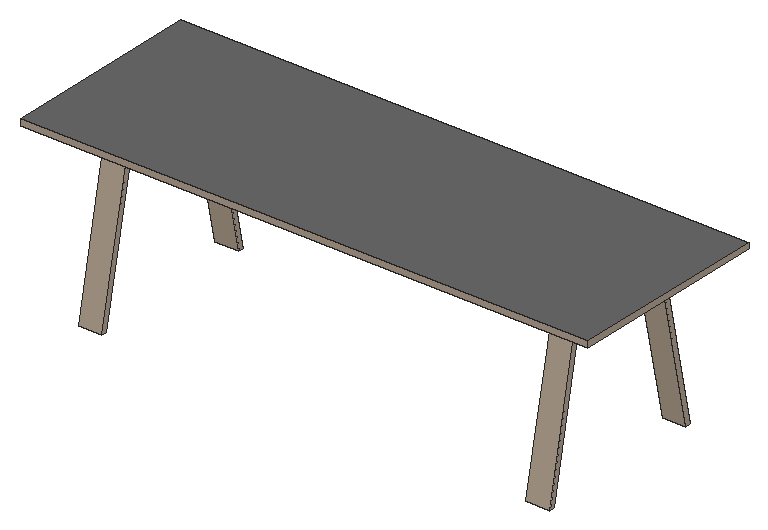
Revit family "Haworth_Bac_Table_Rectangle", category Furniture, Revit 2018
Family settings
  OmniClass Number = 23.40.70.14.64.21
  OmniClass Title = Systems Furniture
  Work Plane-Based = No
  Always vertical = Yes
  Cut with Voids When Loaded = No
  Shared = No
  Room Calculation Point = No
Parameters (values of type "HCCE-BCTL - 33d 94w")
  Warranty = "http://www.haworth.com/resources/product-info/warranties"
  URL - Product = "https://www.haworth.com/na/en/products/collaborative-conference/bac-table.html"
  Top Finish [instance] = Haworth _ Linoleum _ Black E8-307
  Support Offset = 8"  # constant formula
  Support Depth = 2 93/256"  # constant formula
  Standard Widths = "79 in. or 94.5 in."  # constant formula
  Small = not(Large)  # no
  Size = "Verify Final Dim. w/ Haworth"  # constant formula
  Model = "HCCE-BCTL-L"
  URL = "http://www.haworth.com/our-brands/haworth-collection"
  Support Height = 4 43/256"  # constant formula
  Revision Number = "4"  # constant formula
  Standard Height = "29 in."  # constant formula
  Manufacturer = "Haworth"  # constant formula
  Leg Depth = 3 15/16"  # constant formula
  Large = yes
  Description = "Haworth Bac Table Rectangle - 33d 94w"
  Base Finish [instance] = Haworth _ Wood _ Stained Ash _ White
  Author = "Haworth (Hampton)"  # constant formula
  Assembly Code = "E2020200"
  Actual Width = if(Large, 94 1/2", 79")  # 94 1/2"
  Actual Height = 29"  # constant formula
  Table Thickness = 1"  # constant formula
  Standard Depths = "33.5 in."  # constant formula
  Actual Depth = 33 1/2"  # constant formula
Types (3): name | Small | Model | Large | Description | Actual Width
  (no name) | no | "HCCE-BCTL-L" | yes | "Haworth Bac Table Rectangle - 33d 94w" | 94 1/2"
  HCCE-BCTS - 33d 79w | yes | "HCCE-BCTS" | no | "Haworth Bac Table Rectangle - 33d 79w" | 79"
  HCCE-BCTL - 33d 94w | no | "HCCE-BCTL-L" | yes | "Haworth Bac Table Rectangle - 33d 94w" | 94 1/2"
Reference planes (in)
  plane 1 "Center F/B": y = -0.15866
  plane 2 "Floor": z = 0
  plane 3 "Center L/R": x = 0
  plane 4 "Table Edge Left": x = -47.25
  plane 5 "Table Edge Right": x = 47.25
  plane 6 "Table Edge Back": y = -16.90866
  plane 7 "Table Edge Front": y = 16.59134
  plane 8 "Table Bottom": z = 29
  plane 9 "masking region": z = 24.83203
  plane 10 "Table Top Bottom": z = 28
  plane 11 "Leg Inside Back": y = 1.02298
  plane 12 "Leg Inside Front": y = -1.3403
  plane 13 "Leg Outside Left": x = -39.25
  plane 14 "Leg Outside Left 2": x = -35.3125
  plane 15 "Leg Inside Left": x = -38.46289
  plane 16 "Leg Inside Left 2": x = -36.09961
  plane 17 "Leg Left Center": x = -37.28125
  plane 18 "Leg Outside Right": x = 39.25
  plane 19 "Leg Outside Right 2": x = 35.3125
  plane 20 "Leg Inside Right": x = 38.46289
  plane 21 "Leg Inside Right 2": x = 36.09961
  plane 22 "Leg Center Right": x = 37.28125
  plane 23 "Leg 1": through (480, -8.87592, 28) normal (0, 0.9781, -0.2079)
  plane 24 "Leg 2": through (480, -7.99043, 28) normal (0, 0.9781, -0.2079)
  plane 25 "Leg 4": through (480, 8.5586, 28) normal (0, 0.9781, 0.2079)
  plane 26 "Leg 3": through (480, 7.67311, 28) normal (0, 0.9781, 0.2079)
Forms (in)
  Extrusion 1, solid, material "Haworth _ Wood _ Stained Ash _ White" <- "Base Finish"
    sketch origin (0, 0, 0) x (0, 1, 0) y (0, 0, 1)
      loop
        line (-13.94201, 0) -> (-7.99043, 28) -> (-8.87592, 28) -> (-14.8275, 0) -> (-13.94201, 0)
      loop
        line (13.6247, 0) -> (14.51019, 0) -> (8.5586, 28) -> (7.67311, 28) -> (13.6247, 0)
    from -39.25 to -35.3125
  Extrusion 2, solid, material "Haworth _ Wood _ Stained Ash _ White" <- "Base Finish"
    sketch origin (0, 0, 0) x (0, 1, 0) y (0, 0, 1)
      loop
        line (-8.6638, 24.83203) -> (8.34648, 24.83203) -> (7.67311, 28) -> (-7.99043, 28) -> (-8.6638, 24.83203)
    from -38.46289 to -36.09961
  Extrusion 3, solid, material "Haworth _ Wood _ Stained Ash _ White" <- "Base Finish"
    sketch origin (0, 0, 0) x (0, 1, 0) y (0, 0, -1)
      loop
        line (-13.94201, 0) -> (-14.8275, 0) -> (-8.87592, -28) -> (-7.99043, -28) -> (-13.94201, 0)
      loop
        line (13.6247, 0) -> (7.67311, -28) -> (8.5586, -28) -> (14.51019, 0) -> (13.6247, 0)
    from -39.25 to -35.3125
  Extrusion 4, solid, material "Haworth _ Wood _ Stained Ash _ White" <- "Base Finish"
    sketch origin (0, 0, 0) x (0, 1, 0) y (0, 0, -1)
      loop
        line (-8.6638, -24.83203) -> (-7.99043, -28) -> (7.67311, -28) -> (8.34648, -24.83203) -> (-8.6638, -24.83203)
    from -38.46289 to -36.09961
  Extrusion 5, solid, material "Haworth _ Wood _ Stained Ash _ White" <- "Base Finish"
    sketch origin (0, 0, 0) x (0, 1, 0) y (0, 0, 1)
      loop
        line (-1.3403, 28) -> (-1.3403, 24.83203) -> (1.02298, 24.83203) -> (1.02298, 28) -> (-1.3403, 28)
    from -36.09961 to 36.09961
  Extrusion 6, solid, material "Haworth _ Linoleum _ Black E8-307" <- "Top Finish"
    sketch origin (0, 0, 0) x (1, 0, 0) y (0, 1, 0)
      loop
        line (-47.25, 16.59134) -> (-47.25, -16.90866) -> (47.25, -16.90866) -> (47.25, 16.59134) -> (-47.25, 16.59134)
    from 28 to 29
Lines and regions (in)
  Masking region 1
    outline origin (0, 0, 24.83203) x (0, -1, 0) y (1, 0, 0)
      loop
        line (-16.59134, -47.25) -> (16.90866, -47.25) -> (16.90866, 47.25) -> (-16.59134, 47.25) -> (-16.59134, -47.25)
  symbolic lines, detail levels fine
    curve 1: line (-39.25, 14.51019, 0) -> (-35.3125, 14.51019, 0)
    curve 2: line (-39.25, 7.67311, 0) -> (-39.25, 14.51019, 0)
    curve 3: line (-35.3125, 7.67311, 0) -> (-39.25, 7.67311, 0)
    curve 4: line (-35.3125, 14.51019, 0) -> (-35.3125, 7.67311, 0)
    curve 5: line (-39.25, -7.99043, 0) -> (-35.3125, -7.99043, 0)
    curve 6: line (-39.25, -14.8275, 0) -> (-39.25, -7.99043, 0)
    curve 7: line (-35.3125, -14.8275, 0) -> (-39.25, -14.8275, 0)
    curve 8: line (-35.3125, -7.99043, 0) -> (-35.3125, -14.8275, 0)
    curve 9: line (-38.46289, 7.67311, 0) -> (-38.46289, -7.99043, 0)
    curve 10: line (-36.09961, 7.67311, 0) -> (-36.09961, -7.99043, 0)
    curve 11: line (39.25, 14.51019, 0) -> (35.3125, 14.51019, 0)
    curve 12: line (39.25, 7.67311, 0) -> (39.25, 14.51019, 0)
    curve 13: line (35.3125, 7.67311, 0) -> (39.25, 7.67311, 0)
    curve 14: line (35.3125, 14.51019, 0) -> (35.3125, 7.67311, 0)
    curve 15: line (39.25, -7.99043, 0) -> (35.3125, -7.99043, 0)
    curve 16: line (39.25, -14.8275, 0) -> (39.25, -7.99043, 0)
    curve 17: line (35.3125, -14.8275, 0) -> (39.25, -14.8275, 0)
    curve 18: line (35.3125, -7.99043, 0) -> (35.3125, -14.8275, 0)
    curve 19: line (38.46289, 7.67311, 0) -> (38.46289, -7.99043, 0)
    curve 20: line (36.09961, 7.67311, 0) -> (36.09961, -7.99043, 0)
    curve 21: line (-36.09961, 1.02298, 0) -> (36.09961, 1.02298, 0)
    curve 22: line (36.09961, -1.3403, 0) -> (-36.09961, -1.3403, 0)
Dimensions and locks (in)
  "Actual Depth": plane 7 "Table Edge Front" to plane 6 "Table Edge Back"
  "Actual Width": plane 4 "Table Edge Left" to plane 5 "Table Edge Right"
  equal spacing: plane 4 "Table Edge Left", plane 3 "Center L/R", plane 5 "Table Edge Right"
  equal spacing: plane 7 "Table Edge Front", plane 1 "Center F/B", plane 6 "Table Edge Back"
  "Actual Height": plane 8 "Table Bottom" to level
  "Support Height": plane 8 "Table Bottom" to plane 9 "masking region"
  "Table Thickness": plane 8 "Table Bottom" to plane 10 "Table Top Bottom"
  equal spacing: plane 11 "Leg Inside Back", plane 1 "Center F/B", plane 12 "Leg Inside Front"
  "Support Depth": plane 11 "Leg Inside Back" to plane 12 "Leg Inside Front"
  "Support Offset": plane 4 "Table Edge Left" to plane 13 "Leg Outside Left"
  equal spacing: plane 15 "Leg Inside Left", plane 17 "Leg Left Center", plane 16 "Leg Inside Left 2"
  "Support Depth": plane 15 "Leg Inside Left" to plane 16 "Leg Inside Left 2"
  equal spacing: plane 13 "Leg Outside Left", plane 17 "Leg Left Center", plane 14 "Leg Outside Left 2"
  "Leg Depth": plane 13 "Leg Outside Left" to plane 14 "Leg Outside Left 2"
  equal spacing: plane 20 "Leg Inside Right", plane 22 "Leg Center Right", plane 21 "Leg Inside Right 2"
  equal spacing: plane 18 "Leg Outside Right", plane 22 "Leg Center Right", plane 19 "Leg Outside Right 2"
  "Support Offset": plane 18 "Leg Outside Right" to plane 5 "Table Edge Right"
  "Support Depth": plane 21 "Leg Inside Right 2" to plane 20 "Leg Inside Right"
  "Leg Depth": plane 19 "Leg Outside Right 2" to plane 18 "Leg Outside Right"
  aligned and locked: Extrusion 1 to plane 13 "Leg Outside Left"
  aligned and locked: Extrusion 1 to plane 14 "Leg Outside Left 2"
  aligned: Extrusion 2 to plane 13 "Leg Outside Left"
  aligned and locked: Extrusion 2 to plane 16 "Leg Inside Left 2"
  aligned and locked: Extrusion 2 to plane 15 "Leg Inside Left"
  aligned and locked: curve 2 to Extrusion 1
  aligned and locked: curve 5 to Extrusion 1
  aligned and locked: curve 6 to Extrusion 1
  aligned and locked: curve 7 to Extrusion 1
  aligned and locked: curve 8 to Extrusion 1
  aligned and locked: Extrusion 3 to plane 18 "Leg Outside Right"
  aligned and locked: Extrusion 3 to plane 19 "Leg Outside Right 2"
  aligned and locked: Extrusion 4 to plane 20 "Leg Inside Right"
  aligned and locked: Extrusion 4 to plane 21 "Leg Inside Right 2"
  aligned and locked: curve 12 to plane 18 "Leg Outside Right"
  aligned and locked: curve 16 to plane 18 "Leg Outside Right"
  aligned and locked: plane 20 "Leg Inside Right" to curve 19
  aligned and locked: curve 20 to plane 21 "Leg Inside Right 2"
  aligned and locked: curve 18 to plane 19 "Leg Outside Right 2"
  aligned and locked: curve 14 to plane 19 "Leg Outside Right 2"
  aligned and locked: Extrusion 5 sketch curve to plane 10 "Table Top Bottom"
  aligned and locked: Extrusion 5 sketch curve to plane 12 "Leg Inside Front"
  aligned and locked: Extrusion 5 sketch curve to plane 9 "masking region"
  aligned and locked: Extrusion 5 sketch curve to plane 11 "Leg Inside Back"
  aligned and locked: plane 16 "Leg Inside Left 2" to Extrusion 5
  aligned and locked: plane 21 "Leg Inside Right 2" to Extrusion 5
  aligned and locked: Extrusion 6 sketch curve to plane 7 "Table Edge Front"
  aligned and locked: plane 4 "Table Edge Left" to Extrusion 6 sketch curve
  aligned and locked: plane 6 "Table Edge Back" to Extrusion 6 sketch curve
  aligned and locked: Extrusion 6 sketch curve to plane 5 "Table Edge Right"
  aligned and locked: Extrusion 6 to plane 8 "Table Bottom"
  aligned and locked: Extrusion 6 to plane 10 "Table Top Bottom"
  aligned and locked: Masking region 1 sketch curve to Extrusion 6  (x4)
  aligned and locked: plane 10 "Table Top Bottom" to Extrusion 4
  aligned and locked: Extrusion 4 to plane 24 "Leg 2"
  aligned and locked: Extrusion 4 to plane 26 "Leg 3"
  aligned and locked: plane 9 "masking region" to Extrusion 4
  aligned and locked: Extrusion 2 to plane 26 "Leg 3"
  aligned and locked: plane 9 "masking region" to Extrusion 2
  aligned and locked: plane 10 "Table Top Bottom" to Extrusion 2
  aligned and locked: plane 10 "Table Top Bottom" to Extrusion 3  (x2)
  aligned and locked: plane 10 "Table Top Bottom" to Extrusion 1  (x2)
  aligned and locked: Extrusion 1 to level  (x2)
  aligned and locked: Extrusion 3 to level  (x2)
  aligned and locked: plane 24 "Leg 2" to Extrusion 3
  aligned and locked: plane 24 "Leg 2" to Extrusion 1
  aligned and locked: Extrusion 3 to plane 23 "Leg 1"
  aligned and locked: Extrusion 1 to plane 23 "Leg 1"
  aligned and locked: Extrusion 3 to plane 26 "Leg 3"
  aligned and locked: Extrusion 1 to plane 26 "Leg 3"
  aligned and locked: Extrusion 3 to plane 25 "Leg 4"
  aligned and locked: Extrusion 1 to plane 25 "Leg 4"
  aligned and locked: curve 21 to plane 11 "Leg Inside Back"
  aligned and locked: curve 22 to plane 12 "Leg Inside Front"
Automatic sketch dimensions
  Extrusion 1 sketch curve to level = 0"  (x2)
  plane 10 "Table Top Bottom" to Extrusion 1 sketch curve = 0"  (x2)
  plane 6 "Table Edge Back" to Extrusion 1 sketch curve = 2.08115"
  Extrusion 1 sketch curve to Extrusion 1 sketch curve = 0.88549"  (x4)
  plane 12 "Leg Inside Front" to Extrusion 1 sketch curve = 7.53562"
  plane 11 "Leg Inside Back" to Extrusion 1 sketch curve = 6.65013"
  Extrusion 1 sketch curve to plane 7 "Table Edge Front" = 2.96665"
  plane 9 "masking region" to Extrusion 2 sketch curve = 0"
  plane 10 "Table Top Bottom" to Extrusion 2 sketch curve = 0"
  plane 12 "Leg Inside Front" to Extrusion 2 sketch curve = 7.3235"
  Extrusion 2 sketch curve to Extrusion 2 sketch curve = 0.67337"  (x2)
  plane 11 "Leg Inside Back" to Extrusion 2 sketch curve = 6.65013"
  Extrusion 3 sketch curve to level = 0"  (x2)
  plane 10 "Table Top Bottom" to Extrusion 3 sketch curve = 0"  (x2)
  plane 6 "Table Edge Back" to Extrusion 3 sketch curve = 2.08115"
  Extrusion 3 sketch curve to Extrusion 3 sketch curve = 0.88549"  (x4)
  plane 12 "Leg Inside Front" to Extrusion 3 sketch curve = 7.53562"
  plane 11 "Leg Inside Back" to Extrusion 3 sketch curve = 6.65013"
  Extrusion 3 sketch curve to plane 7 "Table Edge Front" = 2.96665"
  plane 9 "masking region" to Extrusion 4 sketch curve = 0"
  plane 10 "Table Top Bottom" to Extrusion 4 sketch curve = 0"
  plane 12 "Leg Inside Front" to Extrusion 4 sketch curve = 7.3235"
  Extrusion 4 sketch curve to Extrusion 4 sketch curve = 0.67337"  (x2)
  plane 11 "Leg Inside Back" to Extrusion 4 sketch curve = 6.65013"
  curve 9 to plane 15 "Leg Inside Left" = 0"
  curve 21 to plane 16 "Leg Inside Left 2" = 0"
  curve 4 to plane 14 "Leg Outside Left 2" = 0"
  plane 6 "Table Edge Back" to curve 18 = 2.08115"
  plane 12 "Leg Inside Front" to curve 16 = 6.65013"
  plane 11 "Leg Inside Back" to curve 13 = 6.65013"
  plane 11 "Leg Inside Back" to curve 4 = 6.65013"
  curve 12 to plane 7 "Table Edge Front" = 2.08115"
  curve 4 to plane 7 "Table Edge Front" = 2.08115"
